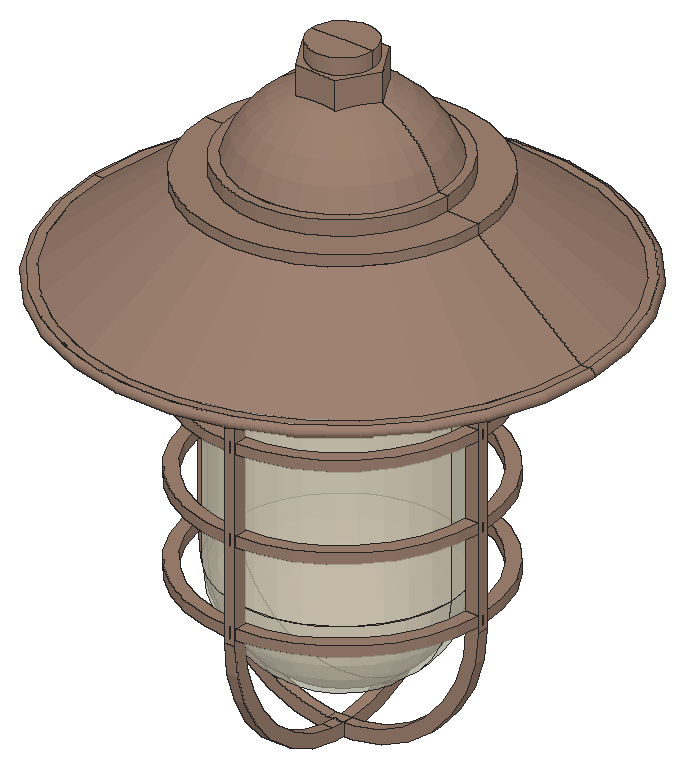
Revit family "HP2.CG", category Lighting Fixtures, Revit 2024
Family settings
  Round Connector Dimension = Use Diameter
  Part Type = Normal
  OmniClass Number = 23.80.70.00
  OmniClass Title = Lighting
  Work Plane-Based = No
  Always vertical = Yes
  Cut with Voids When Loaded = No
  Light Source = No
  Maintain Annotation Orientation = No
  Shared = No
  Room Calculation Point = No
Parameters
  Default Elevation = 0' - 0"
Reference planes (in)
  plane 1 "Light Source Axis (F/B)": y = 0
  plane 2: z = 0
  plane 3 "Light Source Axis (L/R)": x = 0
  plane 4 "Light Source Elevation": z = 56.57223
Forms (in)
  Extrusion 1, solid, material "66"
    sketch origin (6.84003, -9.34798, 56.54581) x (0, 1, 0) y (-1, 0, 0)
      loop
        line (9.36163, 6.05272) -> (10.04346, 6.44638) -> (10.04346, 7.23369) -> (9.36163, 7.62734) -> (8.6798, 7.23369) -> (8.6798, 6.44638) -> (9.36163, 6.05272)
    from 11.40009 to 12.047
  Revolve 2, solid, material "66"
    sketch origin (6.84003, 0, -18.36079) x (1, 0, 0) y (0, 0, 1)
      loop
        line (-6.84003, 86.56466) -> (-6.84003, 86.4709)
        arc (-6.84003, 86.4709) -> (-5.692, 86.10354) -> (-4.99589, 85.1195) r 1.90036
        line (-4.99589, 85.1195) -> (-4.84249, 85.1195) -> (-4.84249, 84.83927) -> (-4.39628, 84.83927) -> (-4.39628, 83.77677) -> (-4.62769, 83.77677) -> (-4.62769, 83.68302) -> (-4.30253, 83.68302) -> (-4.30253, 84.83927) -> (-4.22709, 84.83927) -> (-4.22709, 84.68763) -> (-2.13453, 83.03302) -> (-2.04003, 83.03302)
        arc (-2.04003, 83.03302) -> (-1.86932, 82.96231) -> (-1.94003, 83.13302) r 0.1
        line (-1.94003, 83.13302) -> (-2.10985, 83.13302) -> (-4.13334, 84.73302) -> (-4.13334, 84.93302) -> (-4.74874, 84.93302) -> (-4.74874, 85.21325) -> (-4.92753, 85.21325)
        arc (-4.92753, 85.21325) -> (-5.66451, 86.19926) -> (-6.84003, 86.56466) r 1.99411
      loop
        line (-6.84003, 87.25361) -> (-6.84003, 86.95361) -> (-6.24003, 86.95361) -> (-6.24003, 87.25361) -> (-6.84003, 87.25361)
      loop
        line (-4.66282, 78.03154) -> (-4.66282, 84.43302) -> (-4.75657, 84.43302) -> (-4.75657, 78.0333)
        arc (-4.75657, 78.0333) -> (-5.39398, 76.61211) -> (-6.83922, 76.03129) r 2.08125
        line (-6.83922, 76.03129) -> (-6.83922, 75.93754)
        arc (-6.83922, 75.93754) -> (-5.32832, 76.5452) -> (-4.66282, 78.03154) r 2.175
      loop
        line (-4.30253, 82.78302) -> (-4.05253, 82.78302) -> (-4.05253, 82.98302) -> (-4.30253, 82.98302) -> (-4.30253, 82.78302)
      loop
        line (-4.30253, 81.13302) -> (-4.05253, 81.13302) -> (-4.05253, 81.33302) -> (-4.30253, 81.33302) -> (-4.30253, 81.13302)
      loop
        line (-4.30253, 79.48302) -> (-4.05253, 79.48302) -> (-4.05253, 79.68302) -> (-4.30253, 79.68302) -> (-4.30253, 79.48302)
      loop
        line (-4.30253, 77.83302) -> (-4.05253, 77.83302) -> (-4.05253, 78.03302) -> (-4.30253, 78.03302) -> (-4.30253, 77.83302)
      axis (-6.84003, 87.25361) -> (-6.84003, 75.93754)
    angle from 0 to 360
  Extrusion 3, solid, material "66"
    sketch origin (6.84003, -1.34798, -18.36079) x (1, 0, 0) y (0, 0, 1)
      loop
        line (-4.05253, 77.72052) -> (-4.05253, 84.43302) -> (-4.30253, 84.43302) -> (-4.30253, 77.72052)
        arc (-4.30253, 77.72052) -> (-5.12109, 75.85393) -> (-7.04867, 75.19161) r 2.5375
        arc (-7.04867, 75.19161) -> (-8.70662, 76.00158) -> (-9.37753, 77.72052) r 2.5375
        line (-9.37753, 77.72052) -> (-9.37753, 84.43302) -> (-9.62753, 84.43302) -> (-9.62753, 77.72052)
        arc (-9.62753, 77.72052) -> (-6.84003, 74.93302) -> (-4.05253, 77.72052) r 2.7875
    from -1.44798 to -1.24798
  Extrusion 4, solid, material "66"
    sketch origin (5.40871, -9.34798, -18.36079) x (0, -1, 0) y (0, 0, 1)
      loop
        arc (-12.13548, 77.72052) -> (-9.34798, 74.93302) -> (-6.56048, 77.72052) r 2.7875
        line (-6.56048, 77.72052) -> (-6.56048, 84.43302) -> (-6.81048, 84.43302) -> (-6.81048, 77.72052)
        arc (-6.81048, 77.72052) -> (-7.42922, 76.06001) -> (-8.98371, 75.2093) r 2.5375
        arc (-8.98371, 75.2093) -> (-11.00849, 75.80176) -> (-11.88548, 77.72052) r 2.5375
        line (-11.88548, 77.72052) -> (-11.88548, 84.43302) -> (-12.13548, 84.43302) -> (-12.13548, 77.72052)
    from 5.30871 to 5.50871
Dimensions and locks (in)
  aligned and locked: level to plane 2
